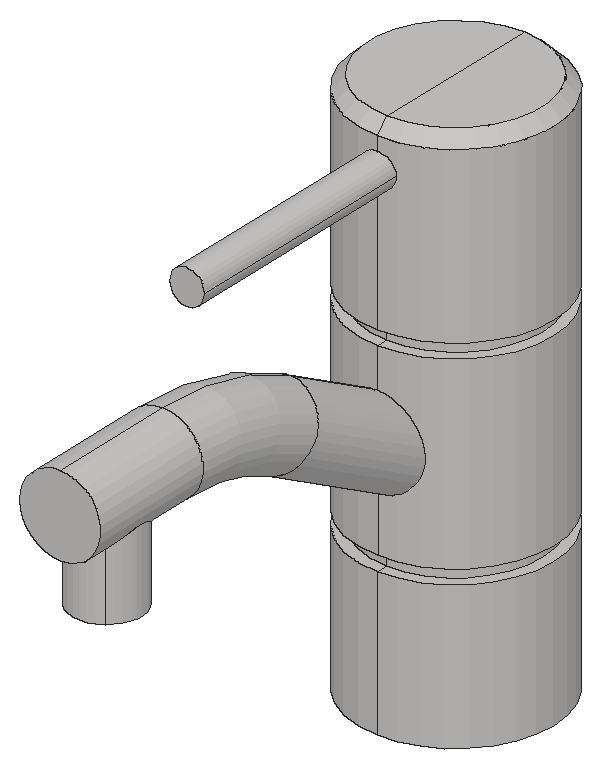
Revit family "Ifö Spira 15122 WB - 570 mm", category Generic Models, Revit 2015
Parameters (values of type "Ifö Spira 15122 WB - 570 mm")
  ifcExportType = "WASHHANDBASIN"
  ifcExportAs = "ifcSanitaryTerminalType"
  Width = 570.00 mm
  WashHandBasingMounting = "WallHung"
  WashHandBasinType = "Vanity"
  WarrantyStartDate = "n/a"
  WarrantyGuarantorParts = "n/a"
  WarrantyGuarantorLabor = "n/a"
  WarrantyDurationUnit = "n/a"
  WarrantyDurationParts = "n/a"
  WarrantyDurationLabor = "n/a"
  WarrantyDescription = "n/a"
  URL.se = "http://www.ifo.se/produkter/tvattstall/"
  URL.no = "http://www.ifosanitar.no/produkter/servanter/"
  URL.dk = "http://www.ifo.dk/produkter/handvaske/"
  URL = "n/a"
  Type Comments = "n/a"
  Type = "Building element"
  TagNumber = "n/a"
  SustainabilityPerformance = "n/a"
  SupplyPipeDiameter = 10.00 mm
  Size = "570x168x435"
  Shape = "Rounded"
  Serie = "Spira"
  SerialNumber = "n/a"
  ReturnPipeDiameter = 32.00 mm
  ReplacementCost = "n/a"
  NominalWidth = 570.00 mm
  NominalHeight = 168.00 mm
  NominalDepth = 435.00 mm
  Name = "Ifö Spira 15122 Wash basin, 57 cm"
  MountingHeight(offset) = 850.00 mm
  ModelReference = "Spira"
  ModelNumber = "15122"
  Model = "Ifö Spira 15122 WB 570 mm"
  Mixernotincluded(option) = yes
  Material = "Porcelain"
  Manufacturer = "Geberit"
  Keynote = "n/a"
  InstallationDate = "n/a"
  Height = 168.00 mm
  Grade = "n/a"
  Finish = "Glazed"
  Features = "feature1, feature2, feature9"
  ExpectedLife = "n/a"
  DurationUnit = "n/a"
  DrainSize = 0.00 mm
  Description = "Ifö Spira 15122 Wash basin, 57 cm"
  Depth = 435.00 mm
  Constituents = "n/a"
  ConnectorIn_VDistance = 0.00 mm
  ConnectorIn_HDistance = 120.00 mm
  Color = "White"
  CodePerformance = "n/a"
  Category = "WashHandBasin"
  CE labeling = "n/a"
  Brand = "Ifö"
  Bolts = Metal-Steel
  BarCode = "n/a"
  BIMObjectName = "Ifö Spira 15122 WB - 570 mm"
  AssetType = "n/a"
  AssetIdentifier = "n/a"
  AccessibilityPerformance = "n/a"
Reference planes
  plane 1 "Center (Front/Back)": y = 0
  plane 2: z = 0
  plane 3 "Center (Left/Right)": x = 0
  plane 4: z = 850
  plane 5 "Drain": z = 711.238
  plane 6: z = 711.238
  plane 7: x = 120
  plane 8: x = -120
  plane 9: y = -177.437
Dimensions and locks
  "MountingHeight(offset)": nested 1 to level
  "MountingHeight(offset)": plane 4 to level
  locked: plane 4 to plane 5 "Drain" at 138.762
  "ConnectorIn_VDistance": plane 6 to plane 5 "Drain"
  "ConnectorIn_HDistance": plane 3 "Center (Left/Right)" to plane 8
  "ConnectorIn_HDistance": plane 7 to plane 3 "Center (Left/Right)"
  locked: connector elem to plane 7
  locked: plane 6 to connector elem at 0
  locked: plane 8 to connector elem
  locked: connector elem to plane 6
  locked: connector elem to plane 9
  aligned and locked: plane 2 to level
  aligned and locked: plane 3 "Center (Left/Right)" to nested 1
  aligned and locked: nested 1 to plane 1 "Center (Front/Back)"
Nested families
  nested 1: "Generic" at (0, 0, 150), type "Generic"
Connectors
  piping at (120, 0, 711.238), diameter 10, driven by "SupplyPipeDiameter"
    settings: index 1, connector inside diameter 24", connector length 0.00 mm, flow factor 0, pipe flow 0 GPM, pressure drop 0.00 psi, fitting loss kfactor 0, connector angle 0.00°, fixture units 0, engagement length 0.00 mm, angle of deflection 0.00°, flow configuration 0, flow direction 1, fitting loss method 0, system type 20, joint type 0, gender type 0, connector reference index -1, connector utility 0, adjustable connector no, is connector primary yes, connector description ""
  piping at (-120, 0, 711.238), diameter 10, driven by "SupplyPipeDiameter"
    settings: index 2, connector inside diameter 24", connector length 0.00 mm, flow factor 0, pipe flow 0 GPM, pressure drop 0.00 psi, fitting loss kfactor 0, connector angle 0.00°, fixture units 0, engagement length 0.00 mm, angle of deflection 0.00°, flow configuration 0, flow direction 1, fitting loss method 0, system type 19, joint type 0, gender type 0, connector reference index -1, connector utility 0, adjustable connector no, is connector primary no, connector description ""
  piping at (0, -177.437, 711.238), diameter 32, driven by "ReturnPipeDiameter"
    settings: index 3, connector inside diameter 24", connector length 0.00 mm, flow factor 0, pipe flow 0 GPM, pressure drop 0.00 psi, fitting loss kfactor 0, connector angle 0.00°, fixture units 0, engagement length 0.00 mm, angle of deflection 0.00°, flow configuration 0, flow direction 2, fitting loss method 0, system type 16, joint type 0, gender type 0, connector reference index -1, connector utility 0, adjustable connector no, is connector primary no, connector description ""
Definition of nested family "Generic"
  Parameters
    VVS number = ""
    Reseller = ""
    Ifö number = ""
    Fittings = none
    CE labeling = ""
  Reference planes
    plane 1 "Center (Front/Back)": y = 0
    plane 2: z = 0
    plane 3 "Center (Left/Right)": x = 0
    plane 4: z = 700
  Forms (mm)
    Revolve 1, solid, material <- "Fittings"
      sketch origin (0, 7.543, 511.316) x (0, 1, 0) y (0, 0, 1)
        loop
          line (-81.936, 191.684) -> (-64.936, 191.684) -> (-64.936, 286.704) -> (-79.789, 286.704) -> (-81.936, 284.557) -> (-81.936, 254.557) -> (-79.936, 254.557) -> (-79.936, 252.057) -> (-81.936, 252.057) -> (-81.936, 219.557) -> (-79.936, 219.557) -> (-79.936, 217.057) -> (-81.936, 217.057) -> (-81.936, 191.684)
        axis (-64.936, 286.704) -> (-64.936, 191.684)
      angle from 0 to 360
    Sweep 2, solid, material <- "Fittings"
      path origin (185, 5.043, 501.316) x (0, 1, 0) y (0, 0, 1)
        loop
          line (-147.967, 265.803) -> (-125.897, 265.803)
          arc (-125.897, 265.803) -> (-113.378, 264.21) -> (-101.657, 259.534) r 50
          line (-101.657, 259.534) -> (-72.443, 243.34)
      profile origin (185, -131.889, 767.119) x (0, 0, 1) y (1, 0, 0)
        loop
          circle (0, -185) r 7
    Extrusion 3, solid, material <- "Fittings"
      sketch origin (0, 7.543, 511.316) x (1, 0, 0) y (0, 0, 1)
        loop
          circle (0, 279.191) r 3
      from 74.245 to 123.053
    Extrusion 4, solid, material <- "Fittings"
      sketch origin (174.135, -139.036, 238) x (0.601815, -0.798636, 0) y (0.798636, 0.601815, 0)
        loop
          circle (-109.679, -135.391) r 6.014
      from 527.873 to 511.219
  Cuts and joins
    joined: Revolve 1, Sweep 2, Extrusion 3, Extrusion 4
  Lines and regions (mm)
    Masking region 1
      outline origin (0, -153.348, 40.277) x (0, 1, 0) y (0, 0, 1)
        loop
          line (110.808, 757.743) -> (81.102, 757.743) -> (78.955, 755.596) -> (78.955, 753.229) -> (37.838, 753.229) -> (37.838, 747.229) -> (78.955, 747.229) -> (78.955, 725.596) -> (80.955, 725.596) -> (80.955, 723.096) -> (78.955, 723.096) -> (78.955, 716.259) -> (60.288, 726.606)
          arc (60.288, 726.606) -> (46.759, 732.003) -> (32.31, 733.842) r 57.711
          line (32.31, 733.842) -> (10.424, 733.842) -> (10.424, 719.842) -> (14.41, 719.842) -> (14.41, 708.941) -> (26.439, 708.941) -> (26.439, 719.842) -> (32.31, 719.842)
          arc (32.31, 719.842) -> (43.254, 718.449) -> (53.501, 714.361) r 43.711
          line (53.501, 714.361) -> (78.955, 700.252) -> (78.955, 690.596) -> (80.955, 690.596) -> (80.955, 688.096) -> (78.955, 688.096) -> (78.955, 663.189)
          arc (78.955, 663.189) -> (94.698, 664.267) -> (110.445, 665.279) r 3748.012
          line (110.445, 665.279) -> (112.955, 665.435) -> (112.955, 688.096) -> (110.955, 688.096) -> (110.955, 690.596) -> (112.955, 690.596) -> (112.955, 723.096) -> (110.955, 723.096) -> (110.955, 725.596) -> (112.955, 725.596) -> (112.955, 755.596) -> (110.808, 757.743)
    Masking region 2
      outline origin (-84.011, -215, 13.02) x (1, 0, 0) y (0, 0, 1)
        loop
          line (67.011, 715.353) -> (67.011, 691.085)
          arc (67.011, 691.085) -> (84.011, 690.185) -> (101.011, 691.085) r 161.126
          line (101.011, 691.085) -> (101.011, 715.353) -> (99.011, 715.353) -> (99.011, 717.853) -> (101.011, 717.853) -> (101.011, 750.353) -> (99.011, 750.353) -> (99.011, 752.853) -> (101.011, 752.853) -> (101.011, 782.853) -> (98.865, 785) -> (69.158, 785) -> (67.011, 782.853) -> (67.011, 752.853) -> (69.011, 752.853) -> (69.011, 750.353) -> (67.011, 750.353) -> (67.011, 717.853) -> (69.011, 717.853) -> (69.011, 715.353) -> (67.011, 715.353)
    Masking region 3
      outline origin (0, 0, 0) x (1, 0, 0) y (0, 1, 0)
        loop
          line (210, 0) -> (-210, 0)
          arc (-210, 0) -> (-225.16, -0.312) -> (-240.294, -1.249) r 367.979
          arc (-240.294, -1.249) -> (-246.374, -2.451) -> (-252.031, -4.984) r 27.527
          arc (-252.031, -4.984) -> (-253.729, -6.24) -> (-255.154, -7.8) r 10.91
          arc (-255.154, -7.8) -> (-256.341, -9.631) -> (-257.27, -11.605) r 16.152
          arc (-257.27, -11.605) -> (-259.411, -17.541) -> (-261.233, -23.582) r 118.92
          arc (-261.233, -23.582) -> (-266.192, -42.149) -> (-270.948, -60.769) r 1765.359
          arc (-270.948, -60.769) -> (-271.949, -64.942) -> (-272.872, -69.134) r 230.454
          arc (-272.872, -69.134) -> (-278.176, -95.859) -> (-282.866, -122.699) r 1187.746
          arc (-282.866, -122.699) -> (-284.553, -134.648) -> (-285.493, -146.679) r 193.601
          arc (-285.493, -146.679) -> (-285.703, -172.803) -> (-283.889, -198.866) r 337.018
          arc (-283.889, -198.866) -> (-280.707, -219.587) -> (-275.713, -239.947) r 237.858
          arc (-275.713, -239.947) -> (-270.847, -254.765) -> (-265.022, -269.233) r 238.455
          arc (-265.022, -269.233) -> (-256.961, -285.935) -> (-247.777, -302.047) r 271.036
          arc (-247.777, -302.047) -> (-230.918, -326.728) -> (-211.395, -349.361) r 265.833
          arc (-211.395, -349.361) -> (-200.533, -360.086) -> (-189.172, -370.281) r 320.762
          arc (-189.172, -370.281) -> (-177.049, -379.908) -> (-164.256, -388.625) r 212.142
          arc (-164.256, -388.625) -> (-105.057, -418.779) -> (-40.55, -434.671) r 290.049
          arc (-40.55, -434.671) -> (0, -437.549) -> (40.55, -434.671) r 287.083
          arc (40.55, -434.671) -> (105.057, -418.779) -> (164.256, -388.625) r 290.049
          arc (164.256, -388.625) -> (177.049, -379.908) -> (189.172, -370.281) r 212.142
          arc (189.172, -370.281) -> (200.533, -360.086) -> (211.395, -349.361) r 320.762
          arc (211.395, -349.361) -> (230.918, -326.728) -> (247.777, -302.047) r 265.833
          arc (247.777, -302.047) -> (256.961, -285.935) -> (265.022, -269.233) r 271.036
          arc (265.022, -269.233) -> (270.847, -254.765) -> (275.713, -239.947) r 238.455
          arc (275.713, -239.947) -> (280.707, -219.587) -> (283.889, -198.866) r 237.858
          arc (283.889, -198.866) -> (285.703, -172.803) -> (285.493, -146.679) r 337.018
          arc (285.493, -146.679) -> (284.553, -134.648) -> (282.866, -122.699) r 193.601
          arc (282.866, -122.699) -> (278.176, -95.859) -> (272.872, -69.134) r 1187.746
          arc (272.872, -69.134) -> (271.949, -64.942) -> (270.948, -60.769) r 230.454
          arc (270.948, -60.769) -> (266.192, -42.149) -> (261.233, -23.582) r 1765.359
          arc (261.233, -23.582) -> (259.411, -17.541) -> (257.27, -11.605) r 118.92
          arc (257.27, -11.605) -> (256.341, -9.631) -> (255.154, -7.8) r 16.152
          arc (255.154, -7.8) -> (253.729, -6.24) -> (252.031, -4.984) r 10.91
          arc (252.031, -4.984) -> (246.374, -2.451) -> (240.294, -1.249) r 27.527
          arc (240.294, -1.249) -> (225.16, -0.312) -> (210, 0) r 367.979
    Masking region 4
      outline origin (0, 0, 703) x (0, 1, 0) y (0, 0, 1)
        loop
          line (0, -161.11) -> (0, -34.799)
          arc (0, -34.799) -> (0.005, -28.589) -> (-0.17, -22.38) r 215.878
          arc (-0.17, -22.38) -> (-0.343, -17.78) -> (-0.475, -13.179) r 495.418
          arc (-0.475, -13.179) -> (-0.759, -7.646) -> (-1.348, -2.137) r 100.562
          arc (-1.348, -2.137) -> (-1.76, 0.972) -> (-2.396, 4.041) r 43.002
          arc (-2.396, 4.041) -> (-2.816, 5.501) -> (-3.434, 6.888) r 10.895
          arc (-3.434, 6.888) -> (-3.785, 7.469) -> (-4.125, 8.056) r 33.98
          arc (-4.125, 8.056) -> (-4.423, 8.471) -> (-4.804, 8.811) r 2.332
          arc (-4.804, 8.811) -> (-5.469, 9.092) -> (-6.19, 9.132) r 2.102
          arc (-6.19, 9.132) -> (-6.897, 9.007) -> (-7.586, 8.802) r 6.236
          arc (-7.586, 8.802) -> (-10.138, 7.953) -> (-12.73, 7.239) r 51.081
          arc (-12.73, 7.239) -> (-17.603, 5.842) -> (-22.565, 4.808) r 68.708
          arc (-22.565, 4.808) -> (-26.439, 4.2) -> (-30.327, 3.69) r 153.455
          arc (-30.327, 3.69) -> (-36.606, 3.023) -> (-42.903, 2.557) r 198.322
          arc (-42.903, 2.557) -> (-58.65, 1.545) -> (-74.393, 0.467) r 3748.012
          arc (-74.393, 0.467) -> (-89.855, -0.657) -> (-105.313, -1.845) r 3748.012
          line (-105.313, -1.845) -> (-130.298, -2.717)
          arc (-130.298, -2.717) -> (-257.395, -3.557) -> (-384.446, -7.116) r 5938.581
          line (-384.446, -7.116) -> (-430.438, -8.897)
          arc (-430.438, -8.897) -> (-434.39, -10.15) -> (-437.147, -13.247) r 7.822
          arc (-437.147, -13.247) -> (-437.507, -14.485) -> (-437.417, -15.772) r 3.676
          arc (-437.417, -15.772) -> (-436.076, -19.181) -> (-434.44, -22.457) r 41.486
          arc (-434.44, -22.457) -> (-433.907, -23.473) -> (-433.363, -24.483) r 109.346
          arc (-433.363, -24.483) -> (-432.396, -26.209) -> (-431.387, -27.911) r 82.593
          arc (-431.387, -27.911) -> (-428.744, -32.201) -> (-426.059, -36.466) r 507.159
          arc (-426.059, -36.466) -> (-423.93, -39.751) -> (-421.749, -43.002) r 243.87
          arc (-421.749, -43.002) -> (-417.186, -49.595) -> (-412.54, -56.129) r 630.341
          arc (-412.54, -56.129) -> (-408.777, -61.279) -> (-404.946, -66.379) r 483.659
          arc (-404.946, -66.379) -> (-400.582, -71.463) -> (-396.071, -76.417) r 229.032
          arc (-396.071, -76.417) -> (-389.75, -82.944) -> (-383.222, -89.262) r 280.78
          arc (-383.222, -89.262) -> (-376.84, -94.919) -> (-370.157, -100.217) r 154.921
          arc (-370.157, -100.217) -> (-365.415, -103.722) -> (-360.629, -107.168) r 471.601
          arc (-360.629, -107.168) -> (-354.043, -111.678) -> (-347.305, -115.958) r 230.911
          arc (-347.305, -115.958) -> (-333.019, -124.275) -> (-318.429, -132.048) r 437.861
          arc (-318.429, -132.048) -> (-310.211, -136.073) -> (-301.874, -139.844) r 299.91
          line (-301.874, -139.844) -> (-256.708, -141.519)
          arc (-256.708, -141.519) -> (-192.841, -142.955) -> (-128.96, -142.529) r 2190.317
          arc (-128.96, -142.529) -> (-111.896, -142.224) -> (-94.83, -142.035) r 2507.044
          arc (-94.83, -142.035) -> (-78.179, -141.856) -> (-61.53, -141.575) r 2701.179
          arc (-61.53, -141.575) -> (-54.031, -141.546) -> (-46.535, -141.757) r 233.568
          arc (-46.535, -141.757) -> (-37.392, -142.222) -> (-28.256, -142.809) r 690.996
          arc (-28.256, -142.809) -> (-24.458, -143.243) -> (-20.711, -144.003) r 44.343
          arc (-20.711, -144.003) -> (-18.063, -144.554) -> (-15.494, -145.4) r 23.932
          arc (-15.494, -145.4) -> (-12.582, -146.69) -> (-9.789, -148.222) r 37.535
          arc (-9.789, -148.222) -> (-6.889, -150.289) -> (-4.328, -152.763) r 23.893
          arc (-4.328, -152.763) -> (-2.771, -154.67) -> (-1.386, -156.706) r 28.272
          arc (-1.386, -156.706) -> (-0.418, -158.821) -> (0, -161.11) r 9.375
    Masking region 5
      outline origin (0, 0, 703) x (1, 0, 0) y (0, 0, 1)
        loop
          arc (-17, 9.35) -> (-109.226, 9.229) -> (-201.451, 8.929) r 47808.602
          arc (-201.451, 8.929) -> (-209.542, 8.921) -> (-217.634, 8.964) r 1262.737
          arc (-217.634, 8.964) -> (-222.096, 8.958) -> (-226.557, 8.862) r 221.79
          arc (-226.557, 8.862) -> (-231.195, 8.612) -> (-235.817, 8.157) r 104.711
          arc (-235.817, 8.157) -> (-239.084, 7.618) -> (-242.294, 6.799) r 38.383
          arc (-242.294, 6.799) -> (-246.311, 5.309) -> (-250.113, 3.333) r 34.518
          arc (-250.113, 3.333) -> (-251.525, 2.371) -> (-252.819, 1.256) r 15.092
          arc (-252.819, 1.256) -> (-253.854, 0.326) -> (-254.917, -0.572) r 46.813
          arc (-254.917, -0.572) -> (-255.246, -0.824) -> (-255.584, -1.064) r 11.162
          arc (-255.584, -1.064) -> (-256.643, -1.772) -> (-257.826, -2.243) r 6.031
          arc (-257.826, -2.243) -> (-263.279, -2.459) -> (-268.734, -2.561) r 259.019
          arc (-268.734, -2.561) -> (-274.397, -2.776) -> (-280.037, -3.331) r 94.385
          arc (-280.037, -3.331) -> (-282.202, -3.664) -> (-284.281, -4.355) r 13.015
          arc (-284.281, -4.355) -> (-285.144, -4.935) -> (-285.736, -5.791) r 2.801
          arc (-285.736, -5.791) -> (-285.848, -7.218) -> (-285.712, -8.643) r 8.299
          arc (-285.712, -8.643) -> (-284.066, -16.445) -> (-281.999, -24.147) r 147.193
          arc (-281.999, -24.147) -> (-276.19, -43.565) -> (-269.125, -62.561) r 310.295
          arc (-269.125, -62.561) -> (-255.54, -86.308) -> (-237.137, -106.551) r 125.636
          line (-237.137, -106.551) -> (-229.227, -113.543)
          arc (-229.227, -113.543) -> (-218.015, -125.027) -> (-205.857, -135.506) r 186.644
          arc (-205.857, -135.506) -> (-205.534, -135.782) -> (-205.234, -136.082) r 5.436
          arc (-205.234, -136.082) -> (-204.189, -137.119) -> (-203.152, -138.164) r 169.559
          arc (-203.152, -138.164) -> (-202.259, -139.075) -> (-201.367, -139.987) r 716.661
          arc (-201.367, -139.987) -> (-200.874, -140.484) -> (-200.372, -140.971) r 38.897
          arc (-200.372, -140.971) -> (-199.996, -141.331) -> (-199.622, -141.693) r 125.072
          arc (-199.622, -141.693) -> (-199.213, -142.09) -> (-198.807, -142.49) r 125.072
          arc (-198.807, -142.49) -> (-198.41, -142.876) -> (-198.009, -143.257) r 42.639
          arc (-198.009, -143.257) -> (-197.694, -143.526) -> (-197.364, -143.777) r 7.561
          arc (-197.364, -143.777) -> (-195.828, -144.818) -> (-194.238, -145.773) r 33.746
          arc (-194.238, -145.773) -> (-192.186, -146.926) -> (-190.13, -148.072) r 769.717
          arc (-190.13, -148.072) -> (-187.77, -149.33) -> (-185.368, -150.506) r 77.464
          arc (-185.368, -150.506) -> (-183.476, -151.409) -> (-181.597, -152.34) r 145.22
          arc (-181.597, -152.34) -> (-176.352, -154.718) -> (-170.928, -156.654) r 69.676
          arc (-170.928, -156.654) -> (-167.425, -157.701) -> (-163.899, -158.671) r 165.057
          arc (-163.899, -158.671) -> (-150.529, -161.602) -> (-136.963, -163.415) r 165.057
          arc (-136.963, -163.415) -> (-123.813, -165.521) -> (-110.601, -167.197) r 408.491
          arc (-110.601, -167.197) -> (-89.584, -169.359) -> (-68.537, -171.21) r 1428.688
          arc (-68.537, -171.21) -> (-55.571, -172.143) -> (-42.591, -172.856) r 767.456
          arc (-42.591, -172.856) -> (0, -174.053) -> (42.591, -172.856) r 758.232
          arc (42.591, -172.856) -> (55.571, -172.143) -> (68.537, -171.21) r 767.456
          arc (68.537, -171.21) -> (89.584, -169.359) -> (110.601, -167.197) r 1428.688
          arc (110.601, -167.197) -> (123.813, -165.521) -> (136.963, -163.415) r 408.491
          arc (136.963, -163.415) -> (150.529, -161.602) -> (163.899, -158.671) r 165.057
          arc (163.899, -158.671) -> (167.425, -157.701) -> (170.928, -156.654) r 165.057
          arc (170.928, -156.654) -> (176.352, -154.718) -> (181.597, -152.34) r 69.676
          arc (181.597, -152.34) -> (183.476, -151.409) -> (185.368, -150.506) r 145.22
          arc (185.368, -150.506) -> (187.77, -149.33) -> (190.13, -148.072) r 77.464
          arc (190.13, -148.072) -> (192.186, -146.926) -> (194.238, -145.773) r 769.717
          arc (194.238, -145.773) -> (195.828, -144.818) -> (197.364, -143.777) r 33.746
          arc (197.364, -143.777) -> (197.694, -143.526) -> (198.009, -143.257) r 7.561
          arc (198.009, -143.257) -> (198.41, -142.876) -> (198.807, -142.49) r 42.639
          arc (198.807, -142.49) -> (199.213, -142.09) -> (199.622, -141.693) r 125.072
          arc (199.622, -141.693) -> (199.996, -141.331) -> (200.372, -140.971) r 125.072
          arc (200.372, -140.971) -> (200.874, -140.484) -> (201.367, -139.987) r 38.897
          arc (201.367, -139.987) -> (202.259, -139.075) -> (203.152, -138.164) r 716.661
          arc (203.152, -138.164) -> (204.189, -137.119) -> (205.234, -136.082) r 169.559
          arc (205.234, -136.082) -> (205.534, -135.782) -> (205.857, -135.506) r 5.436
          arc (205.857, -135.506) -> (218.015, -125.027) -> (229.227, -113.543) r 186.644
          line (229.227, -113.543) -> (237.137, -106.551)
          arc (237.137, -106.551) -> (255.54, -86.308) -> (269.125, -62.561) r 125.636
          arc (269.125, -62.561) -> (276.19, -43.565) -> (281.999, -24.147) r 310.295
          arc (281.999, -24.147) -> (284.066, -16.445) -> (285.712, -8.643) r 147.193
          arc (285.712, -8.643) -> (285.848, -7.218) -> (285.736, -5.791) r 8.299
          arc (285.736, -5.791) -> (285.144, -4.935) -> (284.281, -4.355) r 2.801
          arc (284.281, -4.355) -> (282.202, -3.664) -> (280.037, -3.331) r 13.015
          arc (280.037, -3.331) -> (274.397, -2.776) -> (268.734, -2.561) r 94.385
          arc (268.734, -2.561) -> (263.279, -2.459) -> (257.826, -2.243) r 259.019
          arc (257.826, -2.243) -> (256.643, -1.772) -> (255.584, -1.064) r 6.031
          arc (255.584, -1.064) -> (255.246, -0.824) -> (254.917, -0.572) r 11.162
          arc (254.917, -0.572) -> (253.854, 0.326) -> (252.819, 1.256) r 46.813
          arc (252.819, 1.256) -> (251.525, 2.371) -> (250.113, 3.333) r 15.092
          arc (250.113, 3.333) -> (246.311, 5.309) -> (242.294, 6.799) r 34.518
          arc (242.294, 6.799) -> (239.084, 7.618) -> (235.817, 8.157) r 38.383
          arc (235.817, 8.157) -> (231.195, 8.612) -> (226.557, 8.862) r 104.711
          arc (226.557, 8.862) -> (222.096, 8.958) -> (217.634, 8.964) r 221.79
          arc (217.634, 8.964) -> (209.542, 8.921) -> (201.451, 8.929) r 1262.737
          arc (201.451, 8.929) -> (109.226, 9.229) -> (17, 9.35) r 47808.602
          line (17, 9.35) -> (17, 1.105)
          arc (17, 1.105) -> (0, 0.205) -> (-17, 1.105) r 161.126
          line (-17, 1.105) -> (-17, 9.35)
    symbolic lines
      curve 1: line (7, 0, 767.119) -> (7, 0, 747.519)
      curve 2: line (-7, 0, 747.519) -> (-7, 0, 767.119)
      curve 3: circle (0, 0, 790.507) r 3 normal (0, -1, 0)
      curve 4: line (-6.014, 0, 749.219) -> (6.014, 0, 749.219)
      curve 5: line (-6.014, 0, 763.538) -> (-6.014, 0, 749.219)
      curve 6: line (6.014, 0, 749.219) -> (6.014, 0, 763.538)
      curve 7: circle (0, 0, 767.119) r 7 normal (0, -1, 0)
      curve 8: line (-15, 0, 765.873) -> (-7, 0, 765.873)
      curve 9: line (-15, 0, 763.373) -> (-7, 0, 763.373)
      curve 10: line (15, 0, 763.373) -> (7, 0, 763.373)
      curve 11: line (15, 0, 765.873) -> (7, 0, 765.873)
      curve 12: line (-15, 0, 730.873) -> (15, 0, 730.873)
      curve 13: line (15, 0, 728.373) -> (-15, 0, 728.373)
      curve 14: line (0, -42.393, 765.873) -> (0, -72.393, 765.873)
      curve 15: line (0, -42.393, 763.373) -> (0, -72.393, 763.373)
      curve 16: line (0, -42.393, 730.873) -> (0, -72.393, 730.873)
      curve 17: line (0, -42.393, 728.373) -> (0, -72.393, 728.373)
      curve 18: line (0, -40.393, 795.873) -> (0, -74.393, 795.873)
      curve 19: circle (0, -57.393, 0) r 14.85 normal (0, 0, 1)
      curve 20: line (7, -142.923, 0) -> (7, -72.885, 0)
      curve 21: line (-7, -142.923, 0) -> (7, -142.923, 0)
      curve 22: line (-7, -72.885, 0) -> (-7, -142.923, 0)
      curve 23: line (-3, -115.51, 0) -> (3, -115.51, 0)
      curve 24: line (-3, -74.126, 0) -> (-3, -115.51, 0)
      curve 25: line (3, -115.51, 0) -> (3, -74.126, 0)
      curve 26: circle (0, -177.437, 0) r 23 normal (0, 0, 1)
      curve 27: line (0, -128.12, 761.128) -> (0, -138.938, 760.119)
      curve 28: spline (0, -126.907, 760.118) -> (0, -126.923, 760.128) -> (0, -126.956, 760.154) -> (0, -127.004, 760.193) -> (0, -127.069, 760.245) -> (0, -127.149, 760.312) -> (0, -127.245, 760.392) -> (0, -127.357, 760.484) -> (0, -127.482, 760.59) -> (0, -127.622, 760.707) -> (0, -127.775, 760.836) -> (0, -127.942, 760.977) -> (0, -128.12, 761.128)
      curve 29: line (0, -74.393, 756.536) -> (0, -74.393, 740.529)
      curve 30: arc (-7, -141.28, 0) -> (0, -213.602, 0) -> (7, -141.28, 0) r 36.5
      curve 31: line (-22.632, 0, 561.238) -> (22.632, 0, 561.238)
      curve 32: line (22.632, 0, 561.238) -> (22.632, 0, 563.07)
      curve 33: line (-22.632, 0, 561.238) -> (-22.632, 0, 563.07)
      curve 34: arc (-251.568, 0, 700.981) -> (1.454, 0, 702.502) -> (254.476, 0, 700.981) r 21057.86
      curve 35: arc (-186.019, 0, 560.45) -> (-189.625, 0, 560.424) -> (-193.228, 0, 560.554) r 83.876
      curve 36: arc (-193.228, 0, 560.554) -> (-195.414, 0, 560.934) -> (-197.573, 0, 561.446) r 36.848
      curve 37: arc (-197.573, 0, 561.446) -> (-198.04, 0, 561.451) -> (-198.487, 0, 561.319) r 1.579
      curve 38: arc (-198.487, 0, 561.319) -> (-198.862, 0, 560.965) -> (-198.749, 0, 560.463) r 0.521
      curve 39: arc (268.584, 0, 699.439) -> (272.473, 0, 699.243) -> (276.265, 0, 698.359) r 21.823
      curve 40: arc (276.265, 0, 698.359) -> (277.835, 0, 697.589) -> (279.136, 0, 696.422) r 6.375
      curve 41: arc (-268.584, 0, 699.439) -> (-272.473, 0, 699.243) -> (-276.265, 0, 698.359) r 21.823
      curve 42: arc (-276.265, 0, 698.359) -> (-277.835, 0, 697.589) -> (-279.136, 0, 696.422) r 6.375
      curve 43: arc (-268.584, 0, 699.439) -> (0, 0, 694.196) -> (268.584, 0, 699.439) r 6882.647
      curve 44: arc (-199.476, -123.331, 0) -> (-103.431, -114.074, 0) -> (-7, -110.699, 0) r 1579.324
      curve 45: arc (0, -46.875, 701.2) -> (0, -27.96, 703.264) -> (0, -10.055, 709.7) r 80.695
      curve 46: arc (0, -46.875, 701.2) -> (0, -76.06, 700.561) -> (0, -105.246, 701.161) r 687.877
      curve 47: arc (0, -10.055, 709.7) -> (0, -8.637, 710.612) -> (0, -7.45, 711.808) r 7.783
      curve 48: arc (-7, 0, 747.519) -> (0, 0, 740.519) -> (7, 0, 747.519) r 7
      curve 49: circle (0, -57.393, 0) r 17 normal (0, 0, 1)
      curve 50: arc (0, -74.393, 793.506) -> (0, -74.126, 790.507) -> (0, -74.393, 787.507) r 16.991
      curve 51: line (-17, 0, 795.873) -> (17, 0, 795.873)
      curve 52: arc (186.019, 0, 560.45) -> (189.625, 0, 560.424) -> (193.228, 0, 560.554) r 83.876
      curve 53: arc (193.228, 0, 560.554) -> (195.414, 0, 560.934) -> (197.573, 0, 561.446) r 36.848
      curve 54: arc (197.573, 0, 561.446) -> (198.04, 0, 561.451) -> (198.487, 0, 561.319) r 1.579
      curve 55: arc (198.487, 0, 561.319) -> (198.862, 0, 560.965) -> (198.749, 0, 560.463) r 0.521
      curve 56: arc (186.019, 0, 560.45) -> (0, 0, 563.11) -> (-186.019, 0, 560.45) r 6506.425
      curve 57: arc (-99.838, -370.705, 0) -> (0, -390.182, 0) -> (99.838, -370.705, 0) r 265.62
      curve 58: arc (-241.446, -178.639, 0) -> (-197.745, -294.655, 0) -> (-99.838, -370.705, 0) r 228.213
      curve 59: arc (241.446, -178.639, 0) -> (197.745, -294.655, 0) -> (99.838, -370.705, 0) r 228.213
      curve 60: arc (-241.167, -161.519, 0) -> (-241.741, -170.072, 0) -> (-241.446, -178.639, 0) r 84.513
      curve 61: arc (-206.771, -124.501, 0) -> (-203.133, -123.857, 0) -> (-199.476, -123.331, 0) r 114.434
      curve 62: arc (-206.771, -124.501, 0) -> (-230.01, -137.398, 0) -> (-241.167, -161.519, 0) r 42.832
      curve 63: arc (199.476, -123.331, 0) -> (103.431, -114.074, 0) -> (7, -110.699, 0) r 1579.324
      curve 64: arc (206.771, -124.501, 0) -> (230.01, -137.398, 0) -> (241.167, -161.519, 0) r 42.832
      curve 65: arc (241.167, -161.519, 0) -> (241.741, -170.072, 0) -> (241.446, -178.639, 0) r 84.513
      curve 66: arc (206.771, -124.501, 0) -> (203.133, -123.857, 0) -> (199.476, -123.331, 0) r 114.434
  Dimensions and locks
    aligned and locked: plane 2 to level
